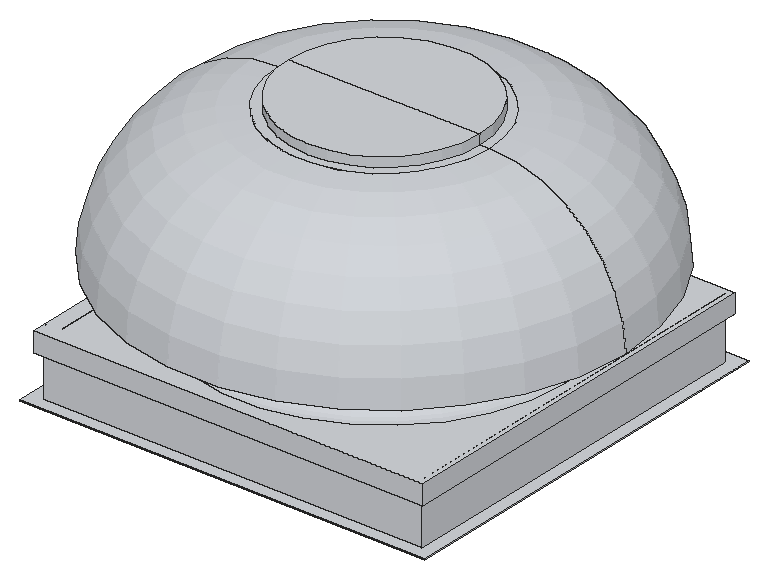
Revit family "SEP", category Mechanical Equipment, Revit 2019
Family settings
  Round Connector Dimension = Use Diameter
  Part Type = Normal
  Work Plane-Based = No
  Always vertical = Yes
  Cut with Voids When Loaded = No
  Shared = No
  Room Calculation Point = No
Parameters (values of type "48_SEP")
  Unit Weight [instance] = ""
  T_SQ/2+.125" = (T_SQ / 2) + 0' 0 1/8"  # 2' - 6 1/8"
  Sones [instance] = ""
  RO/2 = RO / 2  # 2' - 3 3/4"
  Motor RPM [instance] = ""
  Motor Enclosure [instance] = ""
  ModelID [instance] = ""
  LwA [instance] = ""
  RO = T_SQ - 0' 4 1/2"  # 4' - 7 1/2"
  T_SQ/2 = T_SQ / 2  # 2' - 6"
  T_SQ = 5' - 0"
  Fan RPM [instance] = ""
  D/2-(A-B) = A_ / 2 - (B_ - C_)  # 1' - 2 3/4"
  CURB_HEIGHT [instance] = 0' - 9 1/2"
  CURB [instance] = yes
  Accessories [instance] = ""
  A_ = 6' - 2 1/2"
  D/2 = A_ / 2  # 3' - 1 1/4"
  C-.125 = D_ - 0' 0 1/8"  # 0' - 2 7/8"
  D_ = 0' - 3"
  Brake Hp [instance] = ""
  B/2 = C_ / 2  # 0' - 5 1/8"
  B-C/2 = (C_ - D_) / 2  # 0' - 3 5/8"
  B-C = C_ - D_  # 0' - 7 1/4"
  C_ = 0' - 10 1/4"
  A/2 = B_ / 2  # 1' - 4 3/8"
  A-B = B_ - C_  # 1' - 10 1/2"
  A-1.5" = B_ - 0' 1 1/2"  # 2' - 7 1/4"
  B_ = 2' - 8 3/4"
  4" = 0' - 4"  # constant formula
  2' = 2' - 0"
  2" = 0' - 2"  # constant formula
  1" = 0' - 1"  # constant formula
  0 = 0' - 0"  # constant formula
  Voltage [instance] = 0 V
  URL = "www.lorencook.com"
  Type Comments = "Downblast Propeller Supply or Exhaust Ventilator Roof Mounted/Belt Drive"  # constant formula
  Static Pressure [instance] = 0.00 in-wg
  Power [instance] = Voltage * Motor FLA * sqrt(if(Phase = 3, 3, 1))  # 0 VA
  Phase [instance] = 0
  Number of Poles [instance] = 1
  Motor Hp [instance] = "0"
  Motor FLA [instance] = 0 A
  Model = "SEP"  # constant formula
  Manufacturer = "Loren Cook Company"
  CFM [instance] = 0 CFM
  1.5 = 0' - 1 1/2"  # constant formula
  ONE EIGTH = 0' - 0 1/8"  # constant formula
  -(C/2) = -(D_ / 2)  # -0' - 1 1/2"
  -(A/2) = -(B_ / 2)  # -1' - 4 3/8"
  (T_SQ/2)-2" = (T_SQ / 2) - 0' 2"  # 2' - 4"
Types (6): name | T_SQ/2+.125" | RO/2 | RO | T_SQ/2 | T_SQ | D/2-(A-B) | A_ | D/2 | B/2 | B-C/2 | B-C | C_ | A/2 | A-B | A-1.5" | B_ | -(A/2) | (T_SQ/2)-2"
  (no name) | 2' - 6 1/8" | 2' - 3 3/4" | 4' - 7 1/2" | 2' - 6" | 5' - 0" | 1' - 2 3/4" | 6' - 2 1/2" | 3' - 1 1/4" | 0' - 5 1/8" | 0' - 3 5/8" | 0' - 7 1/4" | 0' - 10 1/4" | 1' - 4 3/8" | 1' - 10 1/2" | 2' - 7 1/4" | 2' - 8 3/4" | -1' - 4 3/8" | 2' - 4"
  24_SEP | 1' - 6 1/8" | 1' - 3 3/4" | 2' - 7 1/2" | 1' - 6" | 3' - 0" | 0' - 8" | 3' - 11 1/2" | 1' - 11 3/4" | 0' - 4 9/16" | 0' - 3 1/16" | 0' - 6 1/8" | 0' - 9 1/8" | 1' - 0 7/16" | 1' - 3 3/4" | 1' - 11 3/8" | 2' - 0 7/8" | -1' - 0 7/16" | 1' - 4"
  30_SEP | 1' - 9 1/8" | 1' - 6 3/4" | 3' - 1 1/2" | 1' - 9" | 3' - 6" | 0' - 9 1/4" | 4' - 4 1/2" | 2' - 2 1/4" | 0' - 4 5/8" | 0' - 3 1/8" | 0' - 6 1/4" | 0' - 9 1/4" | 1' - 1 1/8" | 1' - 5" | 2' - 0 3/4" | 2' - 2 1/4" | -1' - 1 1/8" | 1' - 7"
  36_SEP | 2' - 0 1/8" | 1' - 9 3/4" | 3' - 7 1/2" | 2' - 0" | 4' - 0" | 1' - 1 3/4" | 5' - 2 1/2" | 2' - 7 1/4" | 0' - 4 7/8" | 0' - 3 3/8" | 0' - 6 3/4" | 0' - 9 3/4" | 1' - 1 5/8" | 1' - 5 1/2" | 2' - 1 3/4" | 2' - 3 1/4" | -1' - 1 5/8" | 1' - 10"
  42_SEP | 2' - 3 1/8" | 2' - 0 3/4" | 4' - 1 1/2" | 2' - 3" | 4' - 6" | 1' - 2 3/4" | 6' - 2 1/2" | 3' - 1 1/4" | 0' - 5 1/8" | 0' - 3 5/8" | 0' - 7 1/4" | 0' - 10 1/4" | 1' - 4 3/8" | 1' - 10 1/2" | 2' - 7 1/4" | 2' - 8 3/4" | -1' - 4 3/8" | 2' - 1"
  48_SEP | 2' - 6 1/8" | 2' - 3 3/4" | 4' - 7 1/2" | 2' - 6" | 5' - 0" | 1' - 2 3/4" | 6' - 2 1/2" | 3' - 1 1/4" | 0' - 5 1/8" | 0' - 3 5/8" | 0' - 7 1/4" | 0' - 10 1/4" | 1' - 4 3/8" | 1' - 10 1/2" | 2' - 7 1/4" | 2' - 8 3/4" | -1' - 4 3/8" | 2' - 4"
Reference planes (in)
  plane 1 "Center (Front/Back)": y = 0
  plane 2: z = 0
  plane 3 "Center (Left/Right)": x = 0.40541
Forms (in)
  Extrusion 1, solid
    sketch origin (0, 0, 0) x (1, 0, 0) y (0, 1, 0)
      loop
        line (-29.71959, 30.125) -> (-29.71959, -30.125) -> (30.53041, -30.125) -> (30.53041, 30.125) -> (-29.71959, 30.125)
    from 0 to 3 <- "D_"
  Extrusion 2, void
    sketch origin (0, 0, 0) x (1, 0, 0) y (0, 1, 0)
      loop
        line (-29.59459, 30) -> (-29.59459, -30) -> (30.40541, -30) -> (30.40541, 30) -> (-29.59459, 30)
    from 0 to 2.875 <- "C-.125"
  Revolve 3, solid
    sketch origin (0, 0, 0) x (1, 0, 0) y (0, 0, 1)
      loop
        line (-27.59459, 3) -> (0.40541, 3) -> (0.40541, 10.25) -> (-27.59459, 10.25)
        arc (-27.59459, 10.25) -> (-23.96959, 6.625) -> (-27.59459, 3) r 3.625
      axis (0.40541, 10.25) -> (0.40541, 3)
    angle from 0 to 360
  Revolve 4, solid
    sketch origin (0, 0, 0) x (1, 0, 0) y (0, 0, 1)
      loop
        arc (-15.84459, 31.25) -> (-30.69383, 25.09924) -> (-36.84459, 10.25) r 21
        line (-36.84459, 10.25) -> (0.40541, 10.25) -> (0.40541, 31.25) -> (-15.84459, 31.25)
      axis (0.40541, 10.25) -> (0.40541, 31.25)
    angle from 0 to 360
  Revolve 5, solid
    sketch origin (0, 0, 0) x (1, 0, 0) y (0, 0, 1)
      loop
        line (0.40541, 31.25) -> (0.40541, 32.75) -> (-14.34459, 32.75) -> (-14.34459, 31.25) -> (0.40541, 31.25)
      axis (0.40541, 32.75) -> (0.40541, 31.25)
    angle from 0 to 360
  Extrusion 6, solid, visible <- "CURB"
    sketch origin (0, 0, 2.875) x (0, 1, 0) y (1, 0, 0)
      loop
        line (27.75, -27.34459) -> (27.75, 28.15541) -> (-27.75, 28.15541) -> (-27.75, -27.34459) -> (27.75, -27.34459)
      loop
        line (-29.25, 29.65541) -> (-29.25, -28.84459) -> (29.25, -28.84459) -> (29.25, 29.65541) -> (-29.25, 29.65541)
    from 0 to 9.5 <- "CURB_HEIGHT"
  Extrusion 7, solid, visible <- "CURB"
    sketch origin (0, 0, -6.625) x (-1, 0, 0) y (0, 1, 0)
      loop
        line (28.84459, -29.25) -> (28.84459, 29.25) -> (-29.65541, 29.25) -> (-29.65541, -29.25) -> (28.84459, -29.25)
      loop
        line (-31.65541, 31.25) -> (-31.65541, -31.25) -> (30.84459, -31.25) -> (30.84459, 31.25) -> (-31.65541, 31.25)
    from 0 to -0.125
Cuts and joins
  Extrusion 2 cuts Extrusion 1
Dimensions and locks (in)
  "T_SQ/2+.125"": Extrusion 1 sketch curve to plane 3 "Center (Left/Right)"
  "T_SQ/2+.125"": plane 3 "Center (Left/Right)" to Extrusion 1 sketch curve
  "T_SQ/2+.125"": plane 1 "Center (Front/Back)" to Extrusion 1 sketch curve
  "T_SQ/2+.125"": Extrusion 1 sketch curve to plane 1 "Center (Front/Back)"
  "T_SQ/2": Extrusion 2 sketch curve to plane 3 "Center (Left/Right)"
  "T_SQ/2": plane 3 "Center (Left/Right)" to Extrusion 2 sketch curve
  "T_SQ/2": plane 1 "Center (Front/Back)" to Extrusion 2 sketch curve
  "T_SQ/2": Extrusion 2 sketch curve to plane 1 "Center (Front/Back)"
  "C_": Revolve 3 sketch curve to level
  "0": Revolve 3 sketch curve to cut or joined group of Extrusion 1, Extrusion 2
  "(T_SQ/2)-2"": plane 3 "Center (Left/Right)" to Revolve 3 sketch curve
  "0": Revolve 3 sketch curve to plane 3 "Center (Left/Right)"  (x2)
  "0": Revolve 4 sketch curve to plane 3 "Center (Left/Right)"  (x2)
  "D/2": plane 3 "Center (Left/Right)" to Revolve 4 sketch curve
  "0": Revolve 4 sketch curve to Revolve 3
  "A-1.5"": Revolve 4 sketch curve to level
  "0": Revolve 3 to Revolve 4 sketch curve
  "0": Revolve 5 sketch curve to plane 3 "Center (Left/Right)"  (x2)
  "B_": Revolve 5 sketch curve to level
  "A-1.5"": Revolve 5 sketch curve to level
  "D/2-(A-B)": plane 3 "Center (Left/Right)" to Revolve 5 sketch curve
  "1.5": Extrusion 6 sketch curve to Extrusion 6 sketch curve  (x4)
  "RO/2": Extrusion 6 sketch curve to plane 3 "Center (Left/Right)"
  "RO/2": plane 3 "Center (Left/Right)" to Extrusion 6 sketch curve
  "RO/2": plane 1 "Center (Front/Back)" to Extrusion 6 sketch curve  (x2)
  "2"": Extrusion 7 sketch curve to Extrusion 7 sketch curve  (x4)
  "0": Extrusion 7 sketch curve to Extrusion 6  (x3)
  "0": Extrusion 6 to Extrusion 7 sketch curve
Automatic sketch dimensions
  Revolve 3 sketch curve to level = 0' - 2 1/2"
  Revolve 3 sketch curve to Revolve 3 sketch curve = 0' - 0"
  Revolve 4 sketch curve to Revolve 4 sketch curve = 0' - 0"  (x2)
  Revolve 4 sketch curve to Revolve 4 sketch curve = 0' - 3 1/4"
  Revolve 5 sketch curve to Revolve 5 sketch curve = 0' - 4 1/2"
  Revolve 5 sketch curve to Revolve 5 sketch curve = 0' - 0"
Connectors (in)
  electrical at (0.40541, 0, 2.875)
    settings: on cut or joined group of Extrusion 1, Extrusion 2, index 2, voltage 0 V, apparent load 0 VA, apparent load phase1 0 VA, apparent load phase2 0 VA, apparent load phase3 0 VA, power factor 1, load classification "Other", number of poles 1, system type 30, power factor state 1, is connector primary yes, connector utility no, sub classification motor no, connector description ""
  hvac at (0.40541, 0, 2.875), driven by "CFM", driven by "RO", driven by "RO"
    settings: on cut or joined group of Extrusion 1, Extrusion 2, index 3, duct flow 0 CFM, flow factor 0, pres drop 0.00 in-wg, loss coef 0, conn angle 0.00°, conn width 55 1/2", conn height 55 1/2", conn diameter 24", duct sys type 1, conn prof type 1, flow config 0, flow direction 2, loss method 0, conn ref index -1, conn util no, is conn primary yes, conn desc ""
  hvac at (0.40541, 0, 2.875), driven by "CFM", driven by "RO", driven by "RO"
    settings: on cut or joined group of Extrusion 1, Extrusion 2, index 4, duct flow 0 CFM, flow factor 0, pres drop 0.00 in-wg, loss coef 0, conn angle 0.00°, conn width 55 1/2", conn height 55 1/2", conn diameter 24", duct sys type 3, conn prof type 1, flow config 0, flow direction 2, loss method 0, conn ref index -1, conn util no, is conn primary no, conn desc ""
